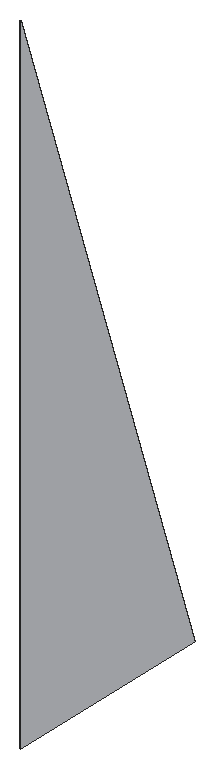
Revit family "sm_triangle", category Generic Models, host Face, Revit 2024
Family settings
  Host = Face
  Can host rebar = No
  Round Connector Dimension = Use Diameter
  Part Type = Normal
  Cut with Voids When Loaded = No
  Maintain Annotation Orientation = No
  Shared = No
  Room Calculation Point = No
Parameters
  width [instance] = 1' - 0"
  thickness [instance] = 0' - 0 1/16"
  material [instance] = none
  length [instance] = 3' - 0"
  Default Elevation = 4' - 0"
Reference planes (in)
  plane 1 "Center (Front/Back)": y = 0
  plane 2: z = 0
  plane 3 "Center (Left/Right)": x = 0
  plane 4: y = 6
  plane 5: z = 36
  plane 6: y = -6
  plane 7: x = -0.03125
  plane 8: x = 0.03125
Forms (in)
  Extrusion 1, solid, material <- "material"
    sketch origin (-0.03125, 4.47618, 48) x (0, 1, 0) y (0, 0, 1)
      loop
        line (1.52382, -48) -> (-10.47618, -12) -> (-10.47618, -48) -> (1.52382, -48)
    from 0 to 0.0625 <- "thickness"
Dimensions and locks (in)
  equal spacing: plane 4, plane 1 "Center (Front/Back)", plane 6  (x2)
  "length": plane 5 to host face
  "thickness": plane 7 to plane 8
  equal spacing: plane 7, plane 3 "Center (Left/Right)", plane 8
  plane 6 to plane 4 = 1' - 0"
  "width": plane 4 to plane 6
  aligned and locked: plane 2 to host face
  aligned and locked: level to host face
  aligned and locked: Extrusion 1 sketch curve to plane 6
  aligned and locked: host face to Extrusion 1 sketch curve
  aligned and locked: plane 5 to Extrusion 1 sketch curve
Automatic sketch dimensions
  host sketch curve to host sketch curve = 8' - 0"  (x2)
  Extrusion 1 sketch curve to plane 4 = 0' - 0"
